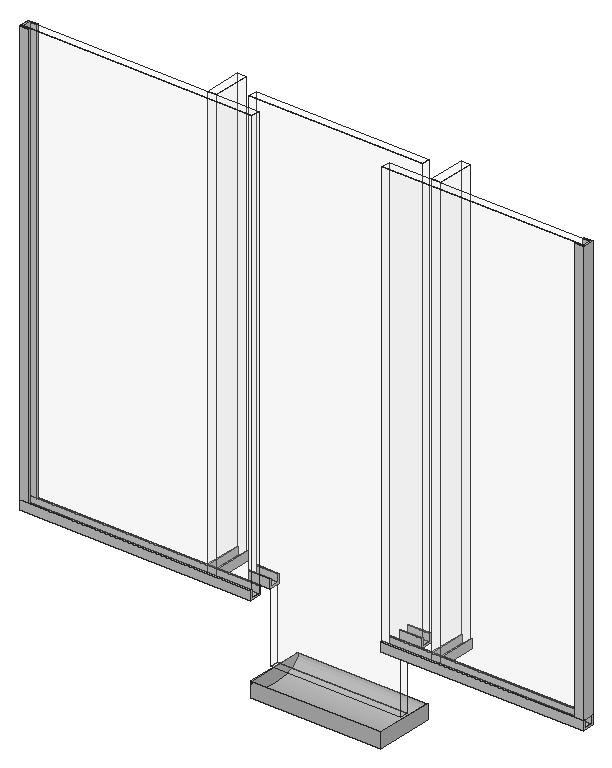
Revit family "Barrier-System_TotSecSol_Baffle-Window", category Generic Models, host Face, Revit 2026
Family settings
  Host = Face
  Can host rebar = No
  Round Connector Dimension = Use Diameter
  Part Type = Normal
  Classification Number = 23.40.70.27
  Cut with Voids When Loaded = No
  Maintain Annotation Orientation = No
  Shared = No
  Room Calculation Point = No
Parameters (values of type "Level III Configuration as Specified")
  recessvoidwh [instance] = if(Tray_Surface Mount, 0' 0 1/32", Unit Width / 2)  # 0' - 0 1/32"
  recessvoidd [instance] = if(Tray_Surface Mount, 0' 0 1/32", 0' 8")  # 0' - 0 1/32"
  recessvoidcut [instance] = if(Tray_Surface Mount, -0' 0 1/32", -0' 1 1/2")  # -0' - 0 1/32"
  Warranty Duration (Years) = 0
  Unit Width [instance] = 1' - 6"
  Unit Height [instance] = 5' - 0"
  URL = "http://www.tssbulletproof.com/"
  Tray_Surface Mount [instance] = yes
  Tray_Recessed [instance] = not(Tray_Surface Mount)  # no
  Tray Height [instance] = if(Tray_Surface Mount, 0' 2", 0' 1 1/2")  # 0' - 2"
  Tray Finish [instance] = Metal - S.Steel - Satin
  Test Data = ""
  Standards Conformance = "as Specified"
  Specification = "http://www.arcat.com/sdspecs/htm04/13_21_68tss.htm"
  SpecWizard = "http://www.arcat.com/specwizard/13070tss/index04.htm"
  Side B Wall Channel [instance] = yes
  Side B Front Panel Visible [instance] = yes
  Side B Extension Width [instance] = 2' - 4"
  Side A Wall Channel [instance] = yes
  Side A Front Panel Visible [instance] = yes
  Side A Extension Width [instance] = 2' - 8"
  Send Message = ""
  Sales Information = "http://security.tssbulletproof.com/contact-total-security-solutions"
  Revision = "R1_2017-04"
  Recess Tray Into Counter [instance] = if(Tray_Surface Mount, 0' 0", 0' 1 1/2")  # 0' - 0"
  Raised Counter Height [instance] = 1' - 0"
  Product Properties = "http://www.tssbulletproof.com/bullet-proof-security-products/bullet-resistant-barriers/"
  Product Data = "http://www.arcat.com/arcatcos/cos43/arc43676.html"
  Model = "Level 3 Baffle Window System as Specified"
  Manufacturer Website = "http://www.tssbulletproof.com/"
  Manufacturer Phone - Toll Free = ""
  Manufacturer Phone = "517-223-7807"
  Manufacturer Fax = "517-223-0805"
  Manufacturer Address = "170 National Park Dr.  Fowlerville, MI 48836"
  Manufacturer = "Total Security Solutions"
  Maintenance Schedule (Months) = 0
  Keynote = "13 21 68"
  Installation-Fabrication = ""
  Installation Phase = ""
  Green Building-LEED = "http://www.arcat.com/green/clients/leed_data_43676.html"
  Glazing Type [instance] = "as Specified"
  Glazing Tint [instance] = Glazing - Clear
  Glazing Thickness [instance] = 0' - 1 1/4"
  Frame Finish [instance] = Metal - Aluminum - Clear Satin Anodized
  Expected Lifespan (Years) = 0
  Drawn By = "Sumex Design, Inc. / Robert S. Weygant, CSI, CDT, SCIP"
  Description = "Total Security Solutions Level III Bullet Resistant Barrier System - Baffle Window System as Specified"
  Default Elevation = 0' - 0"  # constant formula
  Copyright = "©Arcat Inc."
  Construction Details = "http://www.arcat.com/details/protecti/protecti.html?coid=43676"
  Building Codes = ""
  Assembly Code = "E1010200"
Types (3): name | Model | Description
  Level III Configuration as Specified | "Level 3 Baffle Window System as Specified" | "Total Security Solutions Level III Bullet Resistant Barrier System - Baffle Window System as Specified"
  Level II Configuration as Specified | "Level 2 Baffle Window System as Specified" | "Total Security Solutions Level II Bullet Resistant Barrier System - Baffle Window System as Specified"
  Level I Configuration as Specified | "Level 1 Baffle Window System as Specified" | "Total Security Solutions Level I Bullet Resistant Barrier System - Baffle Window System as Specified"
Reference planes (in)
  plane 1 "Center (Front/Back)": y = 0
  plane 2: z = 0
  plane 3 "Center (Left/Right)": x = 0
  plane 4: x = -9
  plane 5: x = 9
  plane 6: z = 12
  plane 7: x = -15.5
  plane 8: x = 15.5
  plane 9: y = 0.15625
  plane 10: y = 1.40625
  plane 11: y = 1.5625
  plane 12: x = 37
  plane 13: x = -41
  plane 14: x = -12
  plane 15: x = 12
  plane 16: y = 3.25
  plane 17: y = 3.40625
  plane 18: y = 4.65625
  plane 19: y = 4.8125
  plane 20: y = 6.5625
  plane 21: x = -16.125
  plane 22: x = -14.875
  plane 23: x = -14.71875
  plane 24: x = -16.28125
  plane 25: x = 16.125
  plane 26: x = 14.875
  plane 27: x = 14.71875
  plane 28: x = 16.28125
  plane 29: z = 72
  plane 30: z = 2
  plane 31: z = 0
  plane 32: x = -8.9375
  plane 33: x = 8.9375
Forms (in)
  Sweep 1, solid, material "Metal - Aluminum - Clear Satin Anodized" <- "Frame Finish", visible <- "Side B Front Panel Visible"
    path origin (-15.17702, -180, 12) x (-1, 0, 0) y (0, -1, 0)
      loop
        line (-24.17702, -180) -> (-52.17702, -180)
    profile origin (23, 0, 12) x (0, 1, 0) y (0, 0, 1)
      loop
        line (0, 0) -> (1.5625, 0) -> (1.5625, 1.25) -> (1.40625, 1.25) -> (1.40625, 0.25) -> (0.15625, 0.25) -> (0.15625, 1.25) -> (0, 1.25) -> (0, 0)
  Sweep 2, solid, material "Metal - Aluminum - Clear Satin Anodized" <- "Frame Finish", visible <- "Side A Front Panel Visible"
    path origin (15.17702, -180, 12) x (1, 0, 0) y (0, 1, 0)
      loop
        line (-24.17702, 180) -> (-56.17702, 180)
    profile origin (-25, 0, 12) x (0, -1, 0) y (0, 0, 1)
      loop
        line (0, 0) -> (0, 1.25) -> (-0.15625, 1.25) -> (-0.15625, 0.25) -> (-1.40625, 0.25) -> (-1.40625, 1.25) -> (-1.5625, 1.25) -> (-1.5625, 0) -> (0, 0)
  Sweep 3, solid, material "Metal - Aluminum - Clear Satin Anodized" <- "Frame Finish"
    path origin (15.17702, -176.75, 12) x (1, 0, 0) y (0, 1, 0)
      loop
        line (-24.17702, 180) -> (-27.17702, 180)
    profile origin (-10.5, 3.25, 12) x (0, -1, 0) y (0, 0, 1)
      loop
        line (0, 0) -> (0, 1.25) -> (-0.15625, 1.25) -> (-0.15625, 0.25) -> (-1.40625, 0.25) -> (-1.40625, 1.25) -> (-1.5625, 1.25) -> (-1.5625, 0) -> (0, 0)
  Sweep 4, solid, material "Metal - Aluminum - Clear Satin Anodized" <- "Frame Finish"
    path origin (-15.17702, -176.75, 12) x (-1, 0, 0) y (0, -1, 0)
      loop
        line (-24.17702, -180) -> (-27.17702, -180)
    profile origin (10.5, 3.25, 12) x (0, 1, 0) y (0, 0, 1)
      loop
        line (0, 0) -> (1.5625, 0) -> (1.5625, 1.25) -> (1.40625, 1.25) -> (1.40625, 0.25) -> (0.15625, 0.25) -> (0.15625, 1.25) -> (0, 1.25) -> (0, 0)
  Sweep 5, solid, material "Metal - Aluminum - Clear Satin Anodized" <- "Frame Finish"
    path origin (-196.28125, -20.14577, 12) x (0, -1, 0) y (1, 0, 0)
      loop
        line (-21.70827, 180.78125) -> (-26.70827, 180.78125)
    profile origin (-15.5, 4.0625, 12) x (-1, 0, 0) y (0, 0, 1)
      loop
        line (0.78125, 0) -> (0.78125, 1.25) -> (0.625, 1.25) -> (0.625, 0.25) -> (-0.625, 0.25) -> (-0.625, 1.25) -> (-0.78125, 1.25) -> (-0.78125, 0) -> (0.78125, 0)
  Sweep 6, solid, material "Metal - Aluminum - Clear Satin Anodized" <- "Frame Finish"
    path origin (196.28125, -20.14577, 12) x (0, -1, 0) y (1, 0, 0)
      loop
        line (-21.70827, -180.78125) -> (-26.70827, -180.78125)
    profile origin (15.5, 4.0625, 12) x (-1, 0, 0) y (0, 0, 1)
      loop
        line (-0.78125, 0) -> (0.78125, 0) -> (0.78125, 1.25) -> (0.625, 1.25) -> (0.625, 0.25) -> (-0.625, 0.25) -> (-0.625, 1.25) -> (-0.78125, 1.25) -> (-0.78125, 0)
  Extrusion 7, solid, material "Glazing - Clear" <- "Glazing Tint"
    sketch origin (0, 0, 0) x (1, 0, 0) y (0, 0, 1)
      loop
        line (-14.875, 12.25) -> (-14.875, 72) -> (-16.125, 72) -> (-16.125, 12.25) -> (-14.875, 12.25)
      loop
        line (14.875, 12.25) -> (16.125, 12.25) -> (16.125, 72) -> (14.875, 72) -> (14.875, 12.25)
    from -6.5625 to -1.40625
  Extrusion 8, solid, material "Glazing - Clear" <- "Glazing Tint", visible <- "Side A Front Panel Visible"
    sketch origin (10.5, 1.40625, 48) x (1, 0, 0) y (0, 0, 1)
      loop
        line (-19.5, -35.75) -> (-19.5, 24) -> (-51.5, 24) -> (-51.5, -35.75) -> (-19.5, -35.75)
    from 0 to 1.25
  Extrusion 9, solid, material "Glazing - Clear" <- "Glazing Tint", visible <- "Side B Front Panel Visible"
    sketch origin (33, 0.15625, 48) x (1, 0, 0) y (0, 0, 1)
      loop
        line (-24, -35.75) -> (4, -35.75) -> (4, 24) -> (-24, 24) -> (-24, -35.75)
    from 0 to -1.25
  Extrusion 10, solid, material "Metal - S.Steel - Satin" <- "Tray Finish"
    sketch origin (0, 0, 0) x (1, 0, 0) y (0, 0, 1)
      loop
        line (-9, 0) -> (9, 0) -> (9, 2) -> (-9, 2) -> (-9, 0)
    from 0 to -8
  Extrusion 11, void
    sketch origin (0, 0, 0) x (0, 1, 0) y (0, 0, 1)
      loop
        spline (0, 2) -> (0.1363, 1.50118) -> (0.5359, 1.03636) -> (1.17157, 0.6372) -> (2, 0.33092) -> (2.96472, 0.13838) -> (4, 0.07271) -> (5.03528, 0.13838) -> (6, 0.33092) -> (6.82843, 0.6372) -> (7.4641, 1.03636) -> (7.8637, 1.50118) -> (8, 2)
        line (8, 2) -> (0, 2)
    from -8.9375 to 8.9375
  Extrusion 12, void
    sketch origin (0, 0, 0) x (1, 0, 0) y (0, 1, 0)
      loop
        line (-0.03125, 0) -> (0.03125, 0) -> (0.03125, 0.03125) -> (-0.03125, 0.03125) -> (-0.03125, 0)
    from 0 to -0.03125 <- "recessvoidcut"
  Extrusion 13, solid, material "Glazing - Clear" <- "Glazing Tint"
    sketch origin (-19.43145, 3.40625, 48) x (-1, 0, 0) y (0, 0, 1)
      loop
        line (-7.43145, -35.75) -> (-7.43145, 24) -> (-31.43145, 24) -> (-31.43145, -35.75) -> (-28.43145, -35.75) -> (-28.43145, -33.75) -> (-10.43145, -33.75) -> (-10.43145, -35.75) -> (-7.43145, -35.75)
    from 0 to 1.25
  Extrusion 14, solid, material "Glazing - Clear" <- "Glazing Tint"
    sketch origin (-19.43145, 3.40625, 48) x (-1, 0, 0) y (0, 0, 1)
      loop
        line (-10.43145, -45.75) -> (-10.43145, -29) -> (-28.43145, -29) -> (-28.43145, -45.75) -> (-10.43145, -45.75)
    from 0 to 1.25
  Sweep 15, solid, material "Metal - Aluminum - Clear Satin Anodized" <- "Frame Finish", visible <- "Side B Wall Channel"
    path origin (0, 0, 0) x (1, 0, 0) y (0, 0, 1)
      loop
        line (37, 13.25) -> (37, 72)
    profile origin (37, 0, 42.625) x (-1, 0, 0) y (0, -1, 0)
      loop
        line (0, 0) -> (0, -1.5625) -> (1.25, -1.5625) -> (1.25, -1.40625) -> (0.25, -1.40625) -> (0.25, -0.15625) -> (1.25, -0.15625) -> (1.25, 0) -> (0, 0)
  Sweep 16, solid, material "Metal - Aluminum - Clear Satin Anodized" <- "Frame Finish", visible <- "Side A Wall Channel"
    path origin (0, 0, 0) x (-1, 0, 0) y (0, 0, 1)
      loop
        line (41, 13.25) -> (41, 72)
    profile origin (-41, 0, 42.625) x (-1, 0, 0) y (0, -1, 0)
      loop
        line (0, 0) -> (-1.25, 0) -> (-1.25, -0.15625) -> (-0.25, -0.15625) -> (-0.25, -1.40625) -> (-1.25, -1.40625) -> (-1.25, -1.5625) -> (0, -1.5625) -> (0, 0)
Cuts and joins
  Extrusion 11 cuts Extrusion 10
  joined: Extrusion 13, Extrusion 14
Dimensions and locks (in)
  "Raised Counter Height": plane 6 to level
  equal spacing: plane 4, plane 3 "Center (Left/Right)", plane 5
  "Unit Width": plane 4 to plane 5
  locked: plane 7 to plane 4 at 6.5
  locked: plane 5 to plane 8 at 6.5
  "Side B Extension Width": plane 5 to plane 12
  "Side A Extension Width": plane 13 to plane 4
  locked: plane 1 "Center (Front/Back)" to plane 9 at 0.15625
  locked: plane 10 to plane 11 at 0.15625
  "Glazing Thickness": plane 9 to plane 10
  locked: Sweep 1 sketch curve to plane 6 at 1.25  (x2)
  locked: Sweep 1 sketch curve to plane 6 at 0.25
  locked: Sweep 2 sketch curve to plane 6 at 1.25  (x2)
  locked: Sweep 2 sketch curve to plane 6 at 0.25
  locked: plane 14 to plane 4 at 3
  locked: plane 5 to plane 15 at 3
  locked: plane 11 to plane 16 at 1.6875
  locked: plane 16 to plane 17 at 0.15625
  locked: plane 18 to plane 19 at 0.15625
  "Glazing Thickness": plane 18 to plane 17
  locked: plane 11 to plane 20 at 5
  locked: Sweep 3 sketch curve to plane 6 at 0.25
  locked: Sweep 3 sketch curve to plane 6 at 1.25  (x2)
  locked: Sweep 4 sketch curve to plane 6 at 1.25  (x2)
  locked: Sweep 4 sketch curve to plane 6 at 0.25
  locked: Sweep 5 sketch curve to plane 6 at 1.25  (x2)
  locked: Sweep 5 sketch curve to plane 6 at 0.25
  equal spacing: plane 21, plane 7, plane 22
  "Glazing Thickness": plane 21 to plane 22
  locked: plane 24 to plane 21 at 0.15625
  locked: plane 22 to plane 23 at 0.15625
  equal spacing: plane 25, plane 8, plane 26
  "Glazing Thickness": plane 25 to plane 26
  locked: plane 26 to plane 27 at 0.15625
  locked: plane 28 to plane 25 at 0.15625
  locked: Sweep 6 sketch curve to plane 6 at 0.25
  locked: Sweep 6 sketch curve to plane 6 at 1.25  (x2)
  "Unit Height": plane 29 to plane 6
  locked: Extrusion 7 sketch curve to plane 6 at 0.25  (x2)
  locked: Extrusion 8 sketch curve to plane 6 at 0.25
  locked: Extrusion 9 sketch curve to plane 6 at 0.25
  "Recess Tray Into Counter": level to plane 31
  "Tray Height": plane 30 to plane 31
  locked: plane 4 to plane 32 at 0.0625
  locked: plane 33 to plane 5 at 0.0625
  "recessvoidwh": Extrusion 12 sketch curve to plane 3 "Center (Left/Right)"
  "recessvoidwh": plane 3 "Center (Left/Right)" to Extrusion 12 sketch curve
  "recessvoidd": plane 1 "Center (Front/Back)" to Extrusion 12 sketch curve
  "Tray Height": plane 30 to Extrusion 10 sketch curve
  locked: Extrusion 11 sketch curve to plane 31 at 0.07271
  locked: Extrusion 13 sketch curve to plane 6 at 2.25
  locked: Extrusion 13 sketch curve to plane 6 at 0.25  (x2)
  locked: Extrusion 14 sketch curve to plane 30 at 0.25
  locked: Extrusion 14 sketch curve to plane 6 at 7
  locked: Sweep 15 sketch curve to plane 6 at 1.25
  locked: Sweep 15 sketch curve to plane 12 at 0.25
  locked: Sweep 15 sketch curve to plane 12 at 1.25  (x2)
  locked: Sweep 16 sketch curve to plane 6 at 1.25
  locked: plane 13 to Sweep 16 sketch curve at 1.25  (x2)
  locked: plane 13 to Sweep 16 sketch curve at 0.25
  aligned and locked: plane 2 to host face
  aligned and locked: level to host face
  aligned and locked: plane 12 to Sweep 1 sketch curve
  aligned and locked: plane 5 to Sweep 1 sketch curve
  aligned and locked: plane 1 "Center (Front/Back)" to Sweep 1 sketch curve
  aligned and locked: plane 10 to Sweep 1 sketch curve
  aligned and locked: Sweep 1 sketch curve to plane 9
  aligned and locked: Sweep 1 sketch curve to plane 6
  aligned and locked: plane 13 to Sweep 2 sketch curve
  aligned and locked: plane 4 to Sweep 2 sketch curve
  aligned and locked: Sweep 2 sketch curve to plane 1 "Center (Front/Back)"  (x2)
  aligned and locked: Sweep 2 sketch curve to plane 6
  aligned and locked: plane 10 to Sweep 2 sketch curve
  aligned and locked: Sweep 2 sketch curve to plane 11
  aligned and locked: Sweep 2 sketch curve to plane 9
  aligned and locked: Sweep 1 sketch curve to plane 1 "Center (Front/Back)"
  aligned and locked: Sweep 1 sketch curve to plane 11
  aligned and locked: plane 14 to Sweep 3 sketch curve
  aligned and locked: plane 4 to Sweep 3 sketch curve
  aligned and locked: plane 16 to Sweep 3 sketch curve  (x2)
  aligned and locked: Sweep 3 sketch curve to plane 6
  aligned and locked: plane 19 to Sweep 3 sketch curve
  aligned and locked: Sweep 3 sketch curve to plane 18
  aligned and locked: plane 17 to Sweep 3 sketch curve
  aligned and locked: plane 5 to Sweep 4 sketch curve
  aligned and locked: plane 15 to Sweep 4 sketch curve
  aligned and locked: Sweep 4 sketch curve to plane 16
  aligned and locked: plane 19 to Sweep 4 sketch curve
  aligned and locked: Sweep 4 sketch curve to plane 18
  aligned and locked: plane 17 to Sweep 4 sketch curve
  aligned and locked: plane 16 to Sweep 4 sketch curve
  aligned and locked: Sweep 4 sketch curve to plane 6
  aligned and locked: plane 20 to Sweep 5 sketch curve
  aligned and locked: plane 7 to Sweep 5 sketch curve
  aligned and locked: plane 11 to Sweep 5 sketch curve
  aligned and locked: Sweep 5 sketch curve to plane 24
  aligned and locked: Sweep 5 sketch curve to plane 21
  aligned and locked: plane 22 to Sweep 5 sketch curve
  aligned and locked: Sweep 5 sketch curve to plane 23
  aligned and locked: Sweep 5 sketch curve to plane 6
  aligned and locked: plane 8 to Sweep 6 sketch curve
  aligned and locked: plane 20 to Sweep 6 sketch curve
  aligned and locked: plane 11 to Sweep 6 sketch curve
  aligned and locked: plane 28 to Sweep 6 sketch curve
  aligned and locked: plane 25 to Sweep 6 sketch curve
  aligned and locked: Sweep 6 sketch curve to plane 26
  aligned and locked: plane 27 to Sweep 6 sketch curve
  aligned and locked: plane 6 to Sweep 6 sketch curve
  aligned and locked: plane 22 to Extrusion 7 sketch curve
  aligned and locked: Extrusion 7 sketch curve to plane 21
  aligned and locked: Extrusion 7 sketch curve to plane 29
  aligned and locked: plane 29 to Extrusion 7 sketch curve
  aligned and locked: plane 25 to Extrusion 7 sketch curve
  aligned and locked: Extrusion 7 sketch curve to plane 26
  aligned and locked: plane 20 to Extrusion 7
  aligned and locked: plane 4 to Extrusion 8 sketch curve
  aligned and locked: Extrusion 8 sketch curve to plane 13
  aligned and locked: plane 29 to Extrusion 8 sketch curve
  aligned and locked: Extrusion 9 sketch curve to plane 29
  aligned and locked: plane 5 to Extrusion 9 sketch curve
  aligned and locked: Extrusion 9 sketch curve to plane 12
  aligned and locked: Extrusion 9 to plane 10
  aligned and locked: Extrusion 8 to plane 9
  aligned and locked: plane 10 to Extrusion 7
  aligned and locked: plane 4 to Extrusion 10 sketch curve
  aligned and locked: Extrusion 10 sketch curve to plane 5
  aligned and locked: Extrusion 10 sketch curve to plane 30
  aligned and locked: plane 1 "Center (Front/Back)" to Extrusion 11 sketch curve
  aligned and locked: plane 30 to Extrusion 11 sketch curve
  aligned and locked: Extrusion 11 to plane 32
  aligned and locked: plane 33 to Extrusion 11
  aligned and locked: Extrusion 13 sketch curve to plane 15
  aligned and locked: plane 14 to Extrusion 13 sketch curve
  aligned and locked: Extrusion 13 sketch curve to plane 4
  aligned and locked: plane 5 to Extrusion 13 sketch curve
  aligned and locked: Extrusion 13 sketch curve to plane 29
  aligned and locked: plane 18 to Extrusion 13
  aligned and locked: plane 4 to Extrusion 14 sketch curve
  aligned and locked: plane 5 to Extrusion 14 sketch curve
  aligned and locked: plane 18 to Extrusion 14
  aligned and locked: plane 12 to Sweep 15 sketch curve
  aligned and locked: plane 29 to Sweep 15 sketch curve
  aligned and locked: Sweep 15 sketch curve to plane 12
  aligned and locked: Sweep 15 sketch curve to plane 1 "Center (Front/Back)"
  aligned and locked: plane 9 to Sweep 15 sketch curve
  aligned and locked: plane 11 to Sweep 15 sketch curve
  aligned and locked: Sweep 15 sketch curve to plane 10
  aligned and locked: plane 13 to Sweep 16 sketch curve
  aligned and locked: plane 29 to Sweep 16 sketch curve
  aligned and locked: plane 11 to Sweep 16 sketch curve
  aligned and locked: Sweep 16 sketch curve to plane 10
  aligned and locked: plane 9 to Sweep 16 sketch curve
  aligned and locked: plane 1 "Center (Front/Back)" to Sweep 16 sketch curve
  aligned and locked: Sweep 16 sketch curve to plane 13
Automatic sketch dimensions
  host sketch curve to host sketch curve = 6' - 6"
  host sketch curve to host sketch curve = 2' - 2.14057"
  plane 20 to Extrusion 11 sketch curve = 0' - 1 7/16"
  plane 1 "Center (Front/Back)" to Extrusion 12 sketch curve = 0' - 0"
